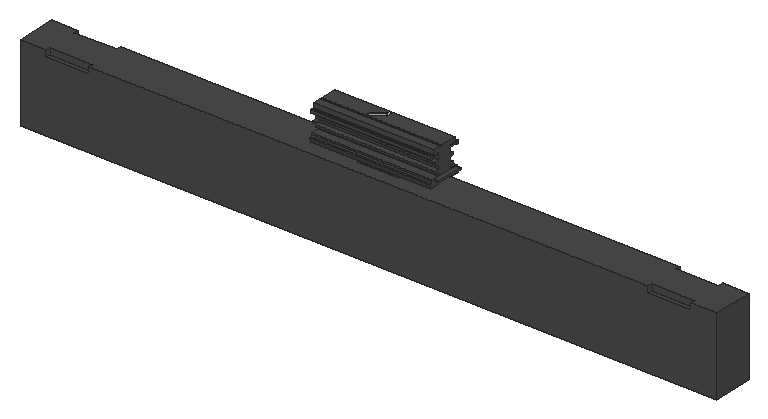
Revit family "DOT SINGLE HEAD RAIL 646_DTM30N6.5.24", category Luminarias, Revit 2019
Family settings
  Cota de conector redondo = Diámetro de uso
  Tipo de pieza = Normal
  Se basa en plano de trabajo = Sí
  Siempre vertical = Sí
  Corte con vacíos al cargar = No
  Origen de luz = Sí
  Compartido = No
  Punto de cálculo de habitación = No
Parameters (values of type "DOT SINGLE HEAD RAIL 646_DTM30N6.5.24")
  Ángulo de inclinación = 60.00°
  Zone [instance] = ""
  Watt per fixture = 30
  Wattage = 30 W
  built-in parameter 1150107 = 4000 (stored number, unit not read)
  built-in parameter 1150110 = 1 (stored number, unit not read)
  built-in parameter 1150109 = 1 (stored number, unit not read)
  built-in parameter 1150112 = 1 (stored number, unit not read)
  built-in parameter 1150113 = 1 (stored number, unit not read)
  built-in parameter 1114218 = 1 (stored number, unit not read)
  Keynote = ""
  built-in parameter 1150137 = (empty or 0)
  built-in parameter 1150132 = (empty or 0)
  Modelo = "DTM30N6.5.24"
  Lámpara = "3030SMD PHILIPS"
  built-in parameter 1150105 = 13996.1 (stored number, unit not read)
  built-in parameter 1150102 = (empty or 0)
  built-in parameter 1150106 = 139.96 (stored number, unit not read)
  Lumens = 2700 lm
  Color Filter = 16777215
  built-in parameter 1114217 = 1 (stored number, unit not read)
  built-in parameter 1150139 = (empty or 0)
  Fabricante = "BRILLANT"
  Default Elevation = 1219.2 mm
  built-in parameter 1150104 = 8.3613 (stored number, unit not read)
  Descripción = "LUMINARIA DOWNLIGHT EN FORMATO RECTANGULAR COMPATIBLE CON RIEL DE 6 ENTRADAS Y 3 CIRCUITOS CON CABEZAL PARA PODER DIRIGIR LA LUMINARIA HASTA 30 GRADOS, CUERPO DE ALUMINIO ACABADO EN COLOR NEGRO, IP 20, PESO 1.48Kg, TIPO DE LED 3030SMD PHILIPS CON 30W TOTAL, 1450 LUMENES, 90LM/W, IRC 90, TEMPERATURA EN BLANCO FRIO 4000K, 50 MIL HORAS DE VIDA PROMEDIO, APERTURA DE 24 GRADOS EN STOCK, ALIMENTADO A 90-240V"
  built-in parameter 1150115 = 1 (stored number, unit not read)
  built-in parameter 1150114 = 1 (stored number, unit not read)
  Comentarios de vataje = "90-240V"
  built-in parameter 1150138 = (empty or 0)
  built-in parameter 1150134 = 12
  Circuit [instance] = ""
  Dimming Lamp Color Temperature Shift = (empty or 0)
  Archivo de red fotométrica = "L646A-30W-840-B-24_IESNA95.IES"
  built-in parameter 1150133 = 10 (stored number, unit not read)
Reference planes
  plane 1 "Centro (Frontal/Posterior)": y = 0
  plane 2: z = 0
  plane 3 "Centro (Izquierda/Derecha)": x = 0
Forms (mm)
  Extrusion 1, solid, material "Default Form"
    sketch origin (0, 0, 0) x (1, 0, 0) y (0, 0, 1)
      loop
        line (-323, 0) -> (-323, -72) -> (323, -72) -> (323, 0) -> (-323, 0)
    from -18.326 to 18.326
  Blend 2, void
    base sketch origin (0, 0, 0) x (1, 0, 0) y (0, 1, 0)
      loop
        line (-162, 16.149) -> (-162, -16.149) -> (-144.14, -16.149) -> (-144.14, 16.149) -> (-162, 16.149)
    top sketch origin (0, 0, 0) x (1, 0, 0) y (0, 1, 0)
      loop
        line (-160, 12.149) -> (-160, -12.149) -> (-146.14, -12.149) -> (-146.14, 12.149) -> (-160, 12.149)
    from -72 to -61.591
  Blend 3, void
    base sketch origin (21.86, 0, 0) x (1, 0, 0) y (0, 1, 0)
      loop
        line (-162, 16.149) -> (-162, -16.149) -> (-144.14, -16.149) -> (-144.14, 16.149) -> (-162, 16.149)
    top sketch origin (21.86, 0, 0) x (1, 0, 0) y (0, 1, 0)
      loop
        line (-160, 12.149) -> (-160, -12.149) -> (-146.14, -12.149) -> (-146.14, 12.149) -> (-160, 12.149)
    from -72 to -61.591
  Blend 4, void
    base sketch origin (43.72, 0, 0) x (1, 0, 0) y (0, 1, 0)
      loop
        line (-162, 16.149) -> (-162, -16.149) -> (-144.14, -16.149) -> (-144.14, 16.149) -> (-162, 16.149)
    top sketch origin (43.72, 0, 0) x (1, 0, 0) y (0, 1, 0)
      loop
        line (-160, 12.149) -> (-160, -12.149) -> (-146.14, -12.149) -> (-146.14, 12.149) -> (-160, 12.149)
    from -72 to -61.591
  Blend 5, void
    base sketch origin (65.58, 0, 0) x (1, 0, 0) y (0, 1, 0)
      loop
        line (-162, 16.149) -> (-162, -16.149) -> (-144.14, -16.149) -> (-144.14, 16.149) -> (-162, 16.149)
    top sketch origin (65.58, 0, 0) x (1, 0, 0) y (0, 1, 0)
      loop
        line (-160, 12.149) -> (-160, -12.149) -> (-146.14, -12.149) -> (-146.14, 12.149) -> (-160, 12.149)
    from -72 to -61.591
  Blend 6, void
    base sketch origin (87.44, 0, 0) x (1, 0, 0) y (0, 1, 0)
      loop
        line (-162, 16.149) -> (-162, -16.149) -> (-144.14, -16.149) -> (-144.14, 16.149) -> (-162, 16.149)
    top sketch origin (87.44, 0, 0) x (1, 0, 0) y (0, 1, 0)
      loop
        line (-160, 12.149) -> (-160, -12.149) -> (-146.14, -12.149) -> (-146.14, 12.149) -> (-160, 12.149)
    from -72 to -61.591
  Blend 7, void
    base sketch origin (109.3, 0, 0) x (1, 0, 0) y (0, 1, 0)
      loop
        line (-162, 16.149) -> (-162, -16.149) -> (-144.14, -16.149) -> (-144.14, 16.149) -> (-162, 16.149)
    top sketch origin (109.3, 0, 0) x (1, 0, 0) y (0, 1, 0)
      loop
        line (-160, 12.149) -> (-160, -12.149) -> (-146.14, -12.149) -> (-146.14, 12.149) -> (-160, 12.149)
    from -72 to -61.591
  Blend 8, void
    base sketch origin (131.16, 0, 0) x (1, 0, 0) y (0, 1, 0)
      loop
        line (-162, 16.149) -> (-162, -16.149) -> (-144.14, -16.149) -> (-144.14, 16.149) -> (-162, 16.149)
    top sketch origin (131.16, 0, 0) x (1, 0, 0) y (0, 1, 0)
      loop
        line (-160, 12.149) -> (-160, -12.149) -> (-146.14, -12.149) -> (-146.14, 12.149) -> (-160, 12.149)
    from -72 to -61.591
  Blend 9, void
    base sketch origin (153.02, 0, 0) x (1, 0, 0) y (0, 1, 0)
      loop
        line (-162, 16.149) -> (-162, -16.149) -> (-144.14, -16.149) -> (-144.14, 16.149) -> (-162, 16.149)
    top sketch origin (153.02, 0, 0) x (1, 0, 0) y (0, 1, 0)
      loop
        line (-160, 12.149) -> (-160, -12.149) -> (-146.14, -12.149) -> (-146.14, 12.149) -> (-160, 12.149)
    from -72 to -61.591
  Blend 10, void
    base sketch origin (174.88, 0, 0) x (1, 0, 0) y (0, 1, 0)
      loop
        line (-162, 16.149) -> (-162, -16.149) -> (-144.14, -16.149) -> (-144.14, 16.149) -> (-162, 16.149)
    top sketch origin (174.88, 0, 0) x (1, 0, 0) y (0, 1, 0)
      loop
        line (-160, 12.149) -> (-160, -12.149) -> (-146.14, -12.149) -> (-146.14, 12.149) -> (-160, 12.149)
    from -72 to -61.591
  Blend 11, void
    base sketch origin (196.74, 0, 0) x (1, 0, 0) y (0, 1, 0)
      loop
        line (-162, 16.149) -> (-162, -16.149) -> (-144.14, -16.149) -> (-144.14, 16.149) -> (-162, 16.149)
    top sketch origin (196.74, 0, 0) x (1, 0, 0) y (0, 1, 0)
      loop
        line (-160, 12.149) -> (-160, -12.149) -> (-146.14, -12.149) -> (-146.14, 12.149) -> (-160, 12.149)
    from -72 to -61.591
  Blend 12, void
    base sketch origin (218.6, 0, 0) x (1, 0, 0) y (0, 1, 0)
      loop
        line (-162, 16.149) -> (-162, -16.149) -> (-144.14, -16.149) -> (-144.14, 16.149) -> (-162, 16.149)
    top sketch origin (218.6, 0, 0) x (1, 0, 0) y (0, 1, 0)
      loop
        line (-160, 12.149) -> (-160, -12.149) -> (-146.14, -12.149) -> (-146.14, 12.149) -> (-160, 12.149)
    from -72 to -61.591
  Blend 13, void
    base sketch origin (240.46, 0, 0) x (1, 0, 0) y (0, 1, 0)
      loop
        line (-162, 16.149) -> (-162, -16.149) -> (-144.14, -16.149) -> (-144.14, 16.149) -> (-162, 16.149)
    top sketch origin (240.46, 0, 0) x (1, 0, 0) y (0, 1, 0)
      loop
        line (-160, 12.149) -> (-160, -12.149) -> (-146.14, -12.149) -> (-146.14, 12.149) -> (-160, 12.149)
    from -72 to -61.591
  Blend 14, void
    base sketch origin (262.32, 0, 0) x (1, 0, 0) y (0, 1, 0)
      loop
        line (-162, 16.149) -> (-162, -16.149) -> (-144.14, -16.149) -> (-144.14, 16.149) -> (-162, 16.149)
    top sketch origin (262.32, 0, 0) x (1, 0, 0) y (0, 1, 0)
      loop
        line (-160, 12.149) -> (-160, -12.149) -> (-146.14, -12.149) -> (-146.14, 12.149) -> (-160, 12.149)
    from -72 to -61.591
  Blend 15, void
    base sketch origin (284.18, 0, 0) x (1, 0, 0) y (0, 1, 0)
      loop
        line (-162, 16.149) -> (-162, -16.149) -> (-144.14, -16.149) -> (-144.14, 16.149) -> (-162, 16.149)
    top sketch origin (284.18, 0, 0) x (1, 0, 0) y (0, 1, 0)
      loop
        line (-160, 12.149) -> (-160, -12.149) -> (-146.14, -12.149) -> (-146.14, 12.149) -> (-160, 12.149)
    from -72 to -61.591
  Blend 16, void
    base sketch origin (306.04, 0, 0) x (1, 0, 0) y (0, 1, 0)
      loop
        line (-162, 16.149) -> (-162, -16.149) -> (-144.14, -16.149) -> (-144.14, 16.149) -> (-162, 16.149)
    top sketch origin (306.04, 0, 0) x (1, 0, 0) y (0, 1, 0)
      loop
        line (-160, 12.149) -> (-160, -12.149) -> (-146.14, -12.149) -> (-146.14, 12.149) -> (-160, 12.149)
    from -72 to -61.591
  Extrusion 17, solid, material "Default Form"
    sketch origin (-55.628, 0, 7.5) x (0, 1, 0) y (0, 0, 1)
      loop
        line (-7.273, 1.74) -> (7.273, 1.74) -> (7.273, 0) -> (15.231, 0) -> (17.006, 4.494) -> (15.021, 4.494) -> (14.058, 5.868) -> (14.058, 7.166) -> (6.473, 7.166) -> (6.473, 9.324) -> (10.169, 10.163) -> (10.169, 12.464) -> (6.473, 13.302) -> (6.473, 16.66) -> (10.169, 17.499) -> (10.169, 19.8) -> (6.473, 20.638) -> (6.473, 25.016) -> (13.839, 25.016) -> (14.514, 24.341) -> (15.775, 24.341) -> (15.775, 27.171) -> (14.73, 27.171) -> (14.058, 26.499) -> (6.473, 26.499) -> (6.473, 27.299) -> (12.377, 27.299) -> (12.377, 31.471) -> (-2.744, 31.471) -> (-2.744, 30.671) -> (-5.514, 30.671) -> (-5.514, 31.471) -> (-12.377, 31.471) -> (-12.377, 27.299) -> (-6.473, 27.299) -> (-6.473, 26.499) -> (-14.058, 26.499) -> (-14.73, 27.171) -> (-15.775, 27.171) -> (-15.775, 24.341) -> (-14.514, 24.341) -> (-13.839, 25.016) -> (-6.473, 25.016) -> (-6.473, 20.638) -> (-10.169, 19.8) -> (-10.169, 17.499) -> (-6.473, 16.66) -> (-6.473, 13.302) -> (-10.169, 12.464) -> (-10.169, 10.163) -> (-6.473, 9.324) -> (-6.473, 7.166) -> (-14.058, 7.166) -> (-14.058, 5.868) -> (-15.021, 4.494) -> (-17.006, 4.494) -> (-15.231, 0) -> (-7.273, 0) -> (-7.273, 1.74)
    from 0 to 111.256
  Extrusion 18, solid, material "Default Form"
    sketch origin (0, 0, 0) x (1, 0, 0) y (0, 1, 0)
      loop
        line (-19.12, 6.873) -> (-19.12, -6.873) -> (19.12, -6.873) -> (19.12, 6.873) -> (-19.12, 6.873)
    from 0 to 2.67
  Extrusion 19, solid, material "Default Form"
    sketch origin (0, 0, 0) x (1, 0, 0) y (0, 1, 0)
      loop
        line (-10.93, 3.188) -> (-10.93, -3.188) -> (10.93, -3.188) -> (10.93, 3.188) -> (-10.93, 3.188)
    from 2.67 to 7.5
  Extrusion 20, void
    sketch origin (0, 0, 0) x (1, 0, 0) y (0, 1, 0)
      loop
        line (-259.42, 18.326) -> (-299.14, 18.326) -> (-299.14, 14.276) -> (-259.42, 14.276) -> (-259.42, 18.326)
      loop
        line (-299.14, -18.326) -> (-259.42, -18.326) -> (-259.42, -14.276) -> (-299.14, -14.276) -> (-299.14, -18.326)
      loop
        line (299.14, -18.326) -> (299.14, -14.276) -> (259.42, -14.276) -> (259.42, -18.326) -> (299.14, -18.326)
      loop
        line (299.14, 18.326) -> (259.42, 18.326) -> (259.42, 14.276) -> (299.14, 14.276) -> (299.14, 18.326)
    from -6.015 to 0
  Extrusion 21, solid, material "Acero Inoxidable"
    sketch origin (0, -1.594, 0) x (1, 0, 0) y (0, 0, -1)
      loop
        line (-15, -38.971) -> (3.794, -45.811) -> (4.341, -44.308) -> (3.589, -44.034) -> (3.316, -44.786) -> (-12.661, -38.971) -> (-15, -38.971)
    from 0 to 3.188
  Extrusion 22, solid, material "Default Form"
    sketch origin (0, 0, 0) x (1, 0, 0) y (0, 1, 0)
      loop
        line (-55.628, 6.473) -> (-66.331, 6.473) -> (-66.331, 0) -> (-55.628, 0) -> (-55.628, 6.473)
      loop
        line (55.628, 12.377) -> (55.628, -12.149) -> (60.628, -12.149) -> (60.628, 12.377) -> (55.628, 12.377)
    from 13.368 to 15
  Blend 23, void
    base sketch origin (-87.44, 0, 0) x (1, 0, 0) y (0, 1, 0)
      loop
        line (-162, 16.149) -> (-162, -16.149) -> (-144.14, -16.149) -> (-144.14, 16.149) -> (-162, 16.149)
    top sketch origin (-87.44, 0, 0) x (1, 0, 0) y (0, 1, 0)
      loop
        line (-160, 12.149) -> (-160, -12.149) -> (-146.14, -12.149) -> (-146.14, 12.149) -> (-160, 12.149)
    from -72 to -61.591
  Blend 24, void
    base sketch origin (-65.58, 0, 0) x (1, 0, 0) y (0, 1, 0)
      loop
        line (-162, 16.149) -> (-162, -16.149) -> (-144.14, -16.149) -> (-144.14, 16.149) -> (-162, 16.149)
    top sketch origin (-65.58, 0, 0) x (1, 0, 0) y (0, 1, 0)
      loop
        line (-160, 12.149) -> (-160, -12.149) -> (-146.14, -12.149) -> (-146.14, 12.149) -> (-160, 12.149)
    from -72 to -61.591
  Blend 25, void
    base sketch origin (-43.72, 0, 0) x (1, 0, 0) y (0, 1, 0)
      loop
        line (-162, 16.149) -> (-162, -16.149) -> (-144.14, -16.149) -> (-144.14, 16.149) -> (-162, 16.149)
    top sketch origin (-43.72, 0, 0) x (1, 0, 0) y (0, 1, 0)
      loop
        line (-160, 12.149) -> (-160, -12.149) -> (-146.14, -12.149) -> (-146.14, 12.149) -> (-160, 12.149)
    from -72 to -61.591
  Blend 26, void
    base sketch origin (-21.86, 0, 0) x (1, 0, 0) y (0, 1, 0)
      loop
        line (-162, 16.149) -> (-162, -16.149) -> (-144.14, -16.149) -> (-144.14, 16.149) -> (-162, 16.149)
    top sketch origin (-21.86, 0, 0) x (1, 0, 0) y (0, 1, 0)
      loop
        line (-160, 12.149) -> (-160, -12.149) -> (-146.14, -12.149) -> (-146.14, 12.149) -> (-160, 12.149)
    from -72 to -61.591
  Blend 27, void
    base sketch origin (-109.3, 0, 0) x (1, 0, 0) y (0, 1, 0)
      loop
        line (-162, 16.149) -> (-162, -16.149) -> (-144.14, -16.149) -> (-144.14, 16.149) -> (-162, 16.149)
    top sketch origin (-109.3, 0, 0) x (1, 0, 0) y (0, 1, 0)
      loop
        line (-160, 12.149) -> (-160, -12.149) -> (-146.14, -12.149) -> (-146.14, 12.149) -> (-160, 12.149)
    from -72 to -61.591
  Blend 28, void
    base sketch origin (327.9, 0, 0) x (1, 0, 0) y (0, 1, 0)
      loop
        line (-162, 16.149) -> (-162, -16.149) -> (-144.14, -16.149) -> (-144.14, 16.149) -> (-162, 16.149)
    top sketch origin (327.9, 0, 0) x (1, 0, 0) y (0, 1, 0)
      loop
        line (-160, 12.149) -> (-160, -12.149) -> (-146.14, -12.149) -> (-146.14, 12.149) -> (-160, 12.149)
    from -72 to -61.591
  Blend 29, void
    base sketch origin (349.76, 0, 0) x (1, 0, 0) y (0, 1, 0)
      loop
        line (-162, 16.149) -> (-162, -16.149) -> (-144.14, -16.149) -> (-144.14, 16.149) -> (-162, 16.149)
    top sketch origin (349.76, 0, 0) x (1, 0, 0) y (0, 1, 0)
      loop
        line (-160, 12.149) -> (-160, -12.149) -> (-146.14, -12.149) -> (-146.14, 12.149) -> (-160, 12.149)
    from -72 to -61.591
  Blend 30, void
    base sketch origin (371.62, 0, 0) x (1, 0, 0) y (0, 1, 0)
      loop
        line (-162, 16.149) -> (-162, -16.149) -> (-144.14, -16.149) -> (-144.14, 16.149) -> (-162, 16.149)
    top sketch origin (371.62, 0, 0) x (1, 0, 0) y (0, 1, 0)
      loop
        line (-160, 12.149) -> (-160, -12.149) -> (-146.14, -12.149) -> (-146.14, 12.149) -> (-160, 12.149)
    from -72 to -61.591
  Blend 31, void
    base sketch origin (393.48, 0, 0) x (1, 0, 0) y (0, 1, 0)
      loop
        line (-162, 16.149) -> (-162, -16.149) -> (-144.14, -16.149) -> (-144.14, 16.149) -> (-162, 16.149)
    top sketch origin (393.48, 0, 0) x (1, 0, 0) y (0, 1, 0)
      loop
        line (-160, 12.149) -> (-160, -12.149) -> (-146.14, -12.149) -> (-146.14, 12.149) -> (-160, 12.149)
    from -72 to -61.591
  Blend 32, void
    base sketch origin (415.34, 0, 0) x (1, 0, 0) y (0, 1, 0)
      loop
        line (-162, 16.149) -> (-162, -16.149) -> (-144.14, -16.149) -> (-144.14, 16.149) -> (-162, 16.149)
    top sketch origin (415.34, 0, 0) x (1, 0, 0) y (0, 1, 0)
      loop
        line (-160, 12.149) -> (-160, -12.149) -> (-146.14, -12.149) -> (-146.14, 12.149) -> (-160, 12.149)
    from -72 to -61.591
Cuts and joins
  Blend 2, Blend 3, Blend 4, Blend 5, Blend 6, Blend 7, Blend 8, Blend 9, Blend 10, Blend 11, Blend 12, Blend 13, Blend 14, Blend 15, Blend 16, Extrusion 20, Blend 23, Blend 24, Blend 25, Blend 26, Blend 27, Blend 28, Blend 29, Blend 30, Blend 31, Blend 32 cuts Extrusion 1
Dimensions and locks
  equal spacing: Extrusion 1, plane 1 "Centro (Frontal/Posterior)", Extrusion 1
  Extrusion 1 to plane 1 "Centro (Frontal/Posterior)" = 18.326 mm
  Extrusion 1 to Extrusion 1 = 36.651 mm
  Extrusion 1 to Extrusion 1 = 72 mm
  Extrusion 1 to Extrusion 1 = 646 mm
  cut or joined group 1 (Extrusion 1, Blend 2, Blend 3, Blend 4, Blend 5, Blend 6, Blend 7, Blend 8, Blend 9, Blend 10, Blend 11, Blend 12, Blend 13, Blend 14, Blend 15, Blend 16, Extrusion 20, Blend 23, Blend 24, Blend 25, Blend 26, Blend 27, Blend 28, Blend 29, Blend 30, Blend 31, Blend 32) to cut or joined group 1 = 72 mm
  cut or joined group 1 to cut or joined group 1 = 36.651 mm
  cut or joined group 1 to cut or joined group 1 = 646 mm
  equal spacing: cut or joined group 1, plane 1 "Centro (Frontal/Posterior)", cut or joined group 1
  cut or joined group 1 to cut or joined group 1 = 23.86 mm  (x2)
  aligned and locked: level to plane 2
  aligned and locked: Extrusion 19 to Extrusion 17
  aligned and locked: Extrusion 19 to Extrusion 18
Automatic sketch dimensions
  Extrusion 1 sketch curve to level = 0 mm
  Extrusion 1 sketch curve to level = 72 mm
  Extrusion 1 sketch curve to plane 3 "Centro (Izquierda/Derecha)" = 323 mm
  plane 3 "Centro (Izquierda/Derecha)" to Extrusion 1 sketch curve = 323 mm
  Blend 2 sketch curve to plane 1 "Centro (Frontal/Posterior)" = 16.149 mm
  Blend 2 sketch curve to plane 3 "Centro (Izquierda/Derecha)" = 162 mm
  Blend 2 sketch curve to Blend 2 sketch curve = 17.86 mm
  plane 1 "Centro (Frontal/Posterior)" to Blend 2 sketch curve = 16.149 mm
  Blend 2 sketch curve to plane 1 "Centro (Frontal/Posterior)" = 12.149 mm
  Blend 2 sketch curve to plane 3 "Centro (Izquierda/Derecha)" = 160 mm
  Blend 2 sketch curve to Blend 2 sketch curve = 13.86 mm
  plane 1 "Centro (Frontal/Posterior)" to Blend 2 sketch curve = 12.149 mm
  Blend 3 sketch curve to plane 1 "Centro (Frontal/Posterior)" = 16.149 mm
  Blend 3 sketch curve to plane 3 "Centro (Izquierda/Derecha)" = 140.14 mm
  Blend 3 sketch curve to Blend 3 sketch curve = 17.86 mm
  plane 1 "Centro (Frontal/Posterior)" to Blend 3 sketch curve = 16.149 mm
  Blend 3 sketch curve to plane 1 "Centro (Frontal/Posterior)" = 12.149 mm
  Blend 3 sketch curve to plane 3 "Centro (Izquierda/Derecha)" = 138.14 mm
  Blend 3 sketch curve to Blend 3 sketch curve = 13.86 mm
  plane 1 "Centro (Frontal/Posterior)" to Blend 3 sketch curve = 12.149 mm
  Blend 4 sketch curve to plane 1 "Centro (Frontal/Posterior)" = 16.149 mm
  Blend 4 sketch curve to plane 3 "Centro (Izquierda/Derecha)" = 118.28 mm
  Blend 4 sketch curve to Blend 4 sketch curve = 17.86 mm
  plane 1 "Centro (Frontal/Posterior)" to Blend 4 sketch curve = 16.149 mm
  Blend 4 sketch curve to plane 1 "Centro (Frontal/Posterior)" = 12.149 mm
  Blend 4 sketch curve to plane 3 "Centro (Izquierda/Derecha)" = 116.28 mm
  Blend 4 sketch curve to Blend 4 sketch curve = 13.86 mm
  plane 1 "Centro (Frontal/Posterior)" to Blend 4 sketch curve = 12.149 mm
  Blend 5 sketch curve to plane 1 "Centro (Frontal/Posterior)" = 16.149 mm
  Blend 5 sketch curve to plane 3 "Centro (Izquierda/Derecha)" = 96.42 mm
  Blend 5 sketch curve to Blend 5 sketch curve = 17.86 mm
  plane 1 "Centro (Frontal/Posterior)" to Blend 5 sketch curve = 16.149 mm
  Blend 5 sketch curve to plane 1 "Centro (Frontal/Posterior)" = 12.149 mm
  Blend 5 sketch curve to plane 3 "Centro (Izquierda/Derecha)" = 94.42 mm
  Blend 5 sketch curve to Blend 5 sketch curve = 13.86 mm
  plane 1 "Centro (Frontal/Posterior)" to Blend 5 sketch curve = 12.149 mm
  Blend 6 sketch curve to plane 1 "Centro (Frontal/Posterior)" = 16.149 mm
  Blend 6 sketch curve to plane 3 "Centro (Izquierda/Derecha)" = 74.56 mm
  Blend 6 sketch curve to Blend 6 sketch curve = 17.86 mm
  plane 1 "Centro (Frontal/Posterior)" to Blend 6 sketch curve = 16.149 mm
  Blend 6 sketch curve to plane 1 "Centro (Frontal/Posterior)" = 12.149 mm
  Blend 6 sketch curve to plane 3 "Centro (Izquierda/Derecha)" = 72.56 mm
  Blend 6 sketch curve to Blend 6 sketch curve = 13.86 mm
  plane 1 "Centro (Frontal/Posterior)" to Blend 6 sketch curve = 12.149 mm
  Blend 7 sketch curve to plane 1 "Centro (Frontal/Posterior)" = 16.149 mm
  Blend 7 sketch curve to plane 3 "Centro (Izquierda/Derecha)" = 52.7 mm
  Blend 7 sketch curve to Blend 7 sketch curve = 17.86 mm
  plane 1 "Centro (Frontal/Posterior)" to Blend 7 sketch curve = 16.149 mm
  Blend 7 sketch curve to plane 1 "Centro (Frontal/Posterior)" = 12.149 mm
  Blend 7 sketch curve to plane 3 "Centro (Izquierda/Derecha)" = 50.7 mm
  Blend 7 sketch curve to Blend 7 sketch curve = 13.86 mm
  plane 1 "Centro (Frontal/Posterior)" to Blend 7 sketch curve = 12.149 mm
  Blend 8 sketch curve to plane 3 "Centro (Izquierda/Derecha)" = 30.84 mm
  Blend 8 sketch curve to plane 3 "Centro (Izquierda/Derecha)" = 12.98 mm
  plane 1 "Centro (Frontal/Posterior)" to Blend 8 sketch curve = 16.149 mm
  Blend 8 sketch curve to plane 1 "Centro (Frontal/Posterior)" = 16.149 mm
  Blend 8 sketch curve to plane 1 "Centro (Frontal/Posterior)" = 12.149 mm
  Blend 8 sketch curve to plane 3 "Centro (Izquierda/Derecha)" = 28.84 mm
  Blend 8 sketch curve to Blend 8 sketch curve = 13.86 mm
  plane 1 "Centro (Frontal/Posterior)" to Blend 8 sketch curve = 12.149 mm
  Blend 9 sketch curve to plane 3 "Centro (Izquierda/Derecha)" = 8.98 mm
  plane 3 "Centro (Izquierda/Derecha)" to Blend 9 sketch curve = 8.88 mm
  plane 1 "Centro (Frontal/Posterior)" to Blend 9 sketch curve = 16.149 mm
  Blend 9 sketch curve to plane 1 "Centro (Frontal/Posterior)" = 16.149 mm
  Blend 9 sketch curve to plane 3 "Centro (Izquierda/Derecha)" = 6.98 mm
  plane 3 "Centro (Izquierda/Derecha)" to Blend 9 sketch curve = 6.88 mm
  plane 1 "Centro (Frontal/Posterior)" to Blend 9 sketch curve = 12.149 mm
  Blend 9 sketch curve to plane 1 "Centro (Frontal/Posterior)" = 12.149 mm
  plane 3 "Centro (Izquierda/Derecha)" to Blend 10 sketch curve = 12.88 mm
  Blend 10 sketch curve to Blend 10 sketch curve = 17.86 mm
  plane 1 "Centro (Frontal/Posterior)" to Blend 10 sketch curve = 16.149 mm
  Blend 10 sketch curve to plane 1 "Centro (Frontal/Posterior)" = 16.149 mm
  plane 3 "Centro (Izquierda/Derecha)" to Blend 10 sketch curve = 14.88 mm
  Blend 10 sketch curve to Blend 10 sketch curve = 13.86 mm
  plane 1 "Centro (Frontal/Posterior)" to Blend 10 sketch curve = 12.149 mm
  Blend 10 sketch curve to plane 1 "Centro (Frontal/Posterior)" = 12.149 mm
  Blend 11 sketch curve to plane 1 "Centro (Frontal/Posterior)" = 16.149 mm
  plane 3 "Centro (Izquierda/Derecha)" to Blend 11 sketch curve = 34.74 mm
  Blend 11 sketch curve to Blend 11 sketch curve = 17.86 mm
  plane 1 "Centro (Frontal/Posterior)" to Blend 11 sketch curve = 16.149 mm
  Blend 11 sketch curve to plane 1 "Centro (Frontal/Posterior)" = 12.149 mm
  plane 3 "Centro (Izquierda/Derecha)" to Blend 11 sketch curve = 36.74 mm
  Blend 11 sketch curve to Blend 11 sketch curve = 13.86 mm
  plane 1 "Centro (Frontal/Posterior)" to Blend 11 sketch curve = 12.149 mm
  Blend 12 sketch curve to plane 1 "Centro (Frontal/Posterior)" = 16.149 mm
  plane 3 "Centro (Izquierda/Derecha)" to Blend 12 sketch curve = 56.6 mm
  Blend 12 sketch curve to Blend 12 sketch curve = 17.86 mm
  plane 1 "Centro (Frontal/Posterior)" to Blend 12 sketch curve = 16.149 mm
  Blend 12 sketch curve to plane 1 "Centro (Frontal/Posterior)" = 12.149 mm
  plane 3 "Centro (Izquierda/Derecha)" to Blend 12 sketch curve = 58.6 mm
  Blend 12 sketch curve to Blend 12 sketch curve = 13.86 mm
  plane 1 "Centro (Frontal/Posterior)" to Blend 12 sketch curve = 12.149 mm
  Blend 13 sketch curve to plane 1 "Centro (Frontal/Posterior)" = 16.149 mm
  plane 3 "Centro (Izquierda/Derecha)" to Blend 13 sketch curve = 78.46 mm
  Blend 13 sketch curve to Blend 13 sketch curve = 17.86 mm
  plane 1 "Centro (Frontal/Posterior)" to Blend 13 sketch curve = 16.149 mm
  Blend 13 sketch curve to plane 1 "Centro (Frontal/Posterior)" = 12.149 mm
  plane 3 "Centro (Izquierda/Derecha)" to Blend 13 sketch curve = 80.46 mm
  Blend 13 sketch curve to Blend 13 sketch curve = 13.86 mm
  plane 1 "Centro (Frontal/Posterior)" to Blend 13 sketch curve = 12.149 mm
  Blend 14 sketch curve to plane 1 "Centro (Frontal/Posterior)" = 16.149 mm
  plane 3 "Centro (Izquierda/Derecha)" to Blend 14 sketch curve = 100.32 mm
  Blend 14 sketch curve to Blend 14 sketch curve = 17.86 mm
  plane 1 "Centro (Frontal/Posterior)" to Blend 14 sketch curve = 16.149 mm
  Blend 14 sketch curve to plane 1 "Centro (Frontal/Posterior)" = 12.149 mm
  plane 3 "Centro (Izquierda/Derecha)" to Blend 14 sketch curve = 102.32 mm
  Blend 14 sketch curve to Blend 14 sketch curve = 13.86 mm
  plane 1 "Centro (Frontal/Posterior)" to Blend 14 sketch curve = 12.149 mm
  Blend 15 sketch curve to plane 1 "Centro (Frontal/Posterior)" = 16.149 mm
  plane 3 "Centro (Izquierda/Derecha)" to Blend 15 sketch curve = 122.18 mm
  Blend 15 sketch curve to Blend 15 sketch curve = 17.86 mm
  plane 1 "Centro (Frontal/Posterior)" to Blend 15 sketch curve = 16.149 mm
  Blend 15 sketch curve to plane 1 "Centro (Frontal/Posterior)" = 12.149 mm
  plane 3 "Centro (Izquierda/Derecha)" to Blend 15 sketch curve = 124.18 mm
  Blend 15 sketch curve to Blend 15 sketch curve = 13.86 mm
  plane 1 "Centro (Frontal/Posterior)" to Blend 15 sketch curve = 12.149 mm
  Blend 16 sketch curve to plane 1 "Centro (Frontal/Posterior)" = 16.149 mm
  plane 3 "Centro (Izquierda/Derecha)" to Blend 16 sketch curve = 144.04 mm
  Blend 16 sketch curve to Blend 16 sketch curve = 17.86 mm
  plane 1 "Centro (Frontal/Posterior)" to Blend 16 sketch curve = 16.149 mm
  Blend 16 sketch curve to plane 1 "Centro (Frontal/Posterior)" = 12.149 mm
  plane 3 "Centro (Izquierda/Derecha)" to Blend 16 sketch curve = 146.04 mm
  Blend 16 sketch curve to Blend 16 sketch curve = 13.86 mm
  plane 1 "Centro (Frontal/Posterior)" to Blend 16 sketch curve = 12.149 mm
  plane 1 "Centro (Frontal/Posterior)" to Extrusion 17 sketch curve = 17.006 mm
  plane 1 "Centro (Frontal/Posterior)" to Extrusion 17 sketch curve = 15.775 mm
  level to Extrusion 17 sketch curve = 7.5 mm  (x2)
  Extrusion 17 sketch curve to Extrusion 17 sketch curve = 1.775 mm
  Extrusion 17 sketch curve to Extrusion 17 sketch curve = 1.985 mm  (x2)
  Extrusion 17 sketch curve to Extrusion 17 sketch curve = 1.045 mm
  Extrusion 17 sketch curve to Extrusion 17 sketch curve = 1.261 mm  (x2)
  Extrusion 17 sketch curve to Extrusion 17 sketch curve = 0.963 mm  (x2)
  Extrusion 17 sketch curve to Extrusion 17 sketch curve = 0.672 mm  (x4)
  Extrusion 17 sketch curve to Extrusion 17 sketch curve = 0.675 mm  (x3)
  Extrusion 17 sketch curve to Extrusion 17 sketch curve = 2.354 mm
  Extrusion 17 sketch curve to Extrusion 17 sketch curve = 4.345 mm
  Extrusion 17 sketch curve to Extrusion 17 sketch curve = 3.89 mm  (x2)
  plane 1 "Centro (Frontal/Posterior)" to Extrusion 17 sketch curve = 7.273 mm
  Extrusion 17 sketch curve to Extrusion 17 sketch curve = 3.696 mm  (x4)
  Extrusion 17 sketch curve to Extrusion 17 sketch curve = 5.904 mm  (x2)
  Extrusion 17 sketch curve to Extrusion 17 sketch curve = 0 mm  (x3)
  Extrusion 17 sketch curve to Extrusion 17 sketch curve = 0.959 mm
  plane 1 "Centro (Frontal/Posterior)" to Extrusion 17 sketch curve = 2.744 mm
  Extrusion 17 sketch curve to plane 1 "Centro (Frontal/Posterior)" = 6.473 mm  (x2)
  Extrusion 17 sketch curve to Extrusion 17 sketch curve = 0.8 mm  (x3)
  Extrusion 17 sketch curve to Extrusion 17 sketch curve = 1.462 mm
  Extrusion 17 sketch curve to Extrusion 17 sketch curve = 0.22 mm
  Extrusion 17 sketch curve to Extrusion 17 sketch curve = 0.21 mm
  Extrusion 17 sketch curve to Extrusion 17 sketch curve = 1.74 mm
  Extrusion 17 sketch curve to Extrusion 17 sketch curve = 4.494 mm  (x2)
  Extrusion 17 sketch curve to Extrusion 17 sketch curve = 1.375 mm  (x2)
  Extrusion 17 sketch curve to Extrusion 17 sketch curve = 5.426 mm  (x2)
  Extrusion 17 sketch curve to Extrusion 17 sketch curve = 2.158 mm  (x2)
  Extrusion 17 sketch curve to Extrusion 17 sketch curve = 0.839 mm  (x8)
  Extrusion 17 sketch curve to Extrusion 17 sketch curve = 2.301 mm  (x4)
  Extrusion 17 sketch curve to Extrusion 17 sketch curve = 3.358 mm  (x2)
  Extrusion 17 sketch curve to Extrusion 17 sketch curve = 4.541 mm  (x2)
  Extrusion 17 sketch curve to Extrusion 17 sketch curve = 4.378 mm
  Extrusion 17 sketch curve to Extrusion 17 sketch curve = 1.483 mm  (x2)
  Extrusion 17 sketch curve to Extrusion 17 sketch curve = 3.372 mm
  Extrusion 17 sketch curve to Extrusion 17 sketch curve = 4.172 mm  (x2)
  plane 1 "Centro (Frontal/Posterior)" to Extrusion 18 sketch curve = 6.873 mm
  Extrusion 18 sketch curve to plane 3 "Centro (Izquierda/Derecha)" = 19.12 mm
  plane 3 "Centro (Izquierda/Derecha)" to Extrusion 18 sketch curve = 19.12 mm
  Extrusion 18 sketch curve to plane 1 "Centro (Frontal/Posterior)" = 6.873 mm
  plane 1 "Centro (Frontal/Posterior)" to Extrusion 19 sketch curve = 3.188 mm
  Extrusion 19 sketch curve to plane 3 "Centro (Izquierda/Derecha)" = 10.93 mm
  plane 3 "Centro (Izquierda/Derecha)" to Extrusion 19 sketch curve = 10.93 mm
  Extrusion 19 sketch curve to plane 1 "Centro (Frontal/Posterior)" = 3.188 mm
  plane 1 "Centro (Frontal/Posterior)" to Extrusion 20 sketch curve = 18.326 mm
  Extrusion 20 sketch curve to plane 3 "Centro (Izquierda/Derecha)" = 299.14 mm
  Extrusion 20 sketch curve to Extrusion 20 sketch curve = 0 mm  (x4)
  Extrusion 20 sketch curve to Extrusion 20 sketch curve = 39.72 mm  (x2)
  plane 1 "Centro (Frontal/Posterior)" to Extrusion 20 sketch curve = 14.276 mm
  plane 3 "Centro (Izquierda/Derecha)" to Extrusion 20 sketch curve = 259.42 mm
  Extrusion 20 sketch curve to plane 1 "Centro (Frontal/Posterior)" = 18.326 mm
  Extrusion 20 sketch curve to Extrusion 20 sketch curve = 4.049 mm  (x4)
  Extrusion 20 sketch curve to plane 1 "Centro (Frontal/Posterior)" = 14.276 mm
  Extrusion 21 sketch curve to plane 3 "Centro (Izquierda/Derecha)" = 15 mm
  Extrusion 21 sketch curve to Extrusion 21 sketch curve = 2.339 mm
  plane 3 "Centro (Izquierda/Derecha)" to Extrusion 21 sketch curve = 3.316 mm
  Extrusion 21 sketch curve to Extrusion 21 sketch curve = 0.274 mm
  Extrusion 21 sketch curve to Extrusion 21 sketch curve = 0.478 mm
  Extrusion 21 sketch curve to Extrusion 21 sketch curve = 0.752 mm
  level to Extrusion 21 sketch curve = 45.811 mm
  plane 1 "Centro (Frontal/Posterior)" to Extrusion 22 sketch curve = 0 mm
  Extrusion 22 sketch curve to plane 1 "Centro (Frontal/Posterior)" = 6.473 mm
  Extrusion 22 sketch curve to plane 3 "Centro (Izquierda/Derecha)" = 66.331 mm
  Extrusion 22 sketch curve to Extrusion 22 sketch curve = 10.703 mm
  Extrusion 22 sketch curve to plane 1 "Centro (Frontal/Posterior)" = 12.377 mm
  plane 3 "Centro (Izquierda/Derecha)" to Extrusion 22 sketch curve = 55.628 mm
  Extrusion 22 sketch curve to Extrusion 22 sketch curve = 5 mm
  plane 1 "Centro (Frontal/Posterior)" to Extrusion 22 sketch curve = 12.149 mm
  Blend 23 sketch curve to plane 1 "Centro (Frontal/Posterior)" = 16.149 mm
  Blend 23 sketch curve to plane 3 "Centro (Izquierda/Derecha)" = 249.44 mm
  Blend 23 sketch curve to Blend 23 sketch curve = 17.86 mm
  plane 1 "Centro (Frontal/Posterior)" to Blend 23 sketch curve = 16.149 mm
  Blend 23 sketch curve to plane 1 "Centro (Frontal/Posterior)" = 12.149 mm
  Blend 23 sketch curve to plane 3 "Centro (Izquierda/Derecha)" = 247.44 mm
  Blend 23 sketch curve to Blend 23 sketch curve = 13.86 mm
  plane 1 "Centro (Frontal/Posterior)" to Blend 23 sketch curve = 12.149 mm
  Blend 24 sketch curve to plane 1 "Centro (Frontal/Posterior)" = 16.149 mm
  Blend 24 sketch curve to plane 3 "Centro (Izquierda/Derecha)" = 227.58 mm
  Blend 24 sketch curve to Blend 24 sketch curve = 17.86 mm
  plane 1 "Centro (Frontal/Posterior)" to Blend 24 sketch curve = 16.149 mm
  Blend 24 sketch curve to plane 1 "Centro (Frontal/Posterior)" = 12.149 mm
  Blend 24 sketch curve to plane 3 "Centro (Izquierda/Derecha)" = 225.58 mm
  Blend 24 sketch curve to Blend 24 sketch curve = 13.86 mm
  plane 1 "Centro (Frontal/Posterior)" to Blend 24 sketch curve = 12.149 mm
  Blend 25 sketch curve to plane 1 "Centro (Frontal/Posterior)" = 16.149 mm
  Blend 25 sketch curve to plane 3 "Centro (Izquierda/Derecha)" = 205.72 mm
  Blend 25 sketch curve to Blend 25 sketch curve = 17.86 mm
  plane 1 "Centro (Frontal/Posterior)" to Blend 25 sketch curve = 16.149 mm
  Blend 25 sketch curve to plane 1 "Centro (Frontal/Posterior)" = 12.149 mm
  Blend 25 sketch curve to plane 3 "Centro (Izquierda/Derecha)" = 203.72 mm
  Blend 25 sketch curve to Blend 25 sketch curve = 13.86 mm
  plane 1 "Centro (Frontal/Posterior)" to Blend 25 sketch curve = 12.149 mm
  Blend 26 sketch curve to plane 1 "Centro (Frontal/Posterior)" = 16.149 mm
  Blend 26 sketch curve to plane 3 "Centro (Izquierda/Derecha)" = 183.86 mm
  Blend 26 sketch curve to Blend 26 sketch curve = 17.86 mm
  plane 1 "Centro (Frontal/Posterior)" to Blend 26 sketch curve = 16.149 mm
  Blend 26 sketch curve to plane 1 "Centro (Frontal/Posterior)" = 12.149 mm
  Blend 26 sketch curve to plane 3 "Centro (Izquierda/Derecha)" = 181.86 mm
  Blend 26 sketch curve to Blend 26 sketch curve = 13.86 mm
  plane 1 "Centro (Frontal/Posterior)" to Blend 26 sketch curve = 12.149 mm
  Blend 27 sketch curve to plane 1 "Centro (Frontal/Posterior)" = 16.149 mm
  Blend 27 sketch curve to plane 3 "Centro (Izquierda/Derecha)" = 271.3 mm
  Blend 27 sketch curve to Blend 27 sketch curve = 17.86 mm
  plane 1 "Centro (Frontal/Posterior)" to Blend 27 sketch curve = 16.149 mm
  Blend 27 sketch curve to plane 1 "Centro (Frontal/Posterior)" = 12.149 mm
  Blend 27 sketch curve to plane 3 "Centro (Izquierda/Derecha)" = 269.3 mm
  Blend 27 sketch curve to Blend 27 sketch curve = 13.86 mm
  plane 1 "Centro (Frontal/Posterior)" to Blend 27 sketch curve = 12.149 mm
  Blend 28 sketch curve to plane 1 "Centro (Frontal/Posterior)" = 16.149 mm
  plane 3 "Centro (Izquierda/Derecha)" to Blend 28 sketch curve = 165.9 mm
  Blend 28 sketch curve to Blend 28 sketch curve = 17.86 mm
  plane 1 "Centro (Frontal/Posterior)" to Blend 28 sketch curve = 16.149 mm
  Blend 28 sketch curve to plane 1 "Centro (Frontal/Posterior)" = 12.149 mm
  plane 3 "Centro (Izquierda/Derecha)" to Blend 28 sketch curve = 167.9 mm
  Blend 28 sketch curve to Blend 28 sketch curve = 13.86 mm
  plane 1 "Centro (Frontal/Posterior)" to Blend 28 sketch curve = 12.149 mm
  Blend 29 sketch curve to plane 1 "Centro (Frontal/Posterior)" = 16.149 mm
  plane 3 "Centro (Izquierda/Derecha)" to Blend 29 sketch curve = 187.76 mm
  Blend 29 sketch curve to Blend 29 sketch curve = 17.86 mm
  plane 1 "Centro (Frontal/Posterior)" to Blend 29 sketch curve = 16.149 mm
  Blend 29 sketch curve to plane 1 "Centro (Frontal/Posterior)" = 12.149 mm
  plane 3 "Centro (Izquierda/Derecha)" to Blend 29 sketch curve = 189.76 mm
  Blend 29 sketch curve to Blend 29 sketch curve = 13.86 mm
  plane 1 "Centro (Frontal/Posterior)" to Blend 29 sketch curve = 12.149 mm
  Blend 30 sketch curve to plane 1 "Centro (Frontal/Posterior)" = 16.149 mm
  plane 3 "Centro (Izquierda/Derecha)" to Blend 30 sketch curve = 209.62 mm
  Blend 30 sketch curve to Blend 30 sketch curve = 17.86 mm
  plane 1 "Centro (Frontal/Posterior)" to Blend 30 sketch curve = 16.149 mm
  Blend 30 sketch curve to plane 1 "Centro (Frontal/Posterior)" = 12.149 mm
  plane 3 "Centro (Izquierda/Derecha)" to Blend 30 sketch curve = 211.62 mm
  Blend 30 sketch curve to Blend 30 sketch curve = 13.86 mm
  plane 1 "Centro (Frontal/Posterior)" to Blend 30 sketch curve = 12.149 mm
  Blend 31 sketch curve to plane 1 "Centro (Frontal/Posterior)" = 16.149 mm
  plane 3 "Centro (Izquierda/Derecha)" to Blend 31 sketch curve = 231.48 mm
  Blend 31 sketch curve to Blend 31 sketch curve = 17.86 mm
  plane 1 "Centro (Frontal/Posterior)" to Blend 31 sketch curve = 16.149 mm
  Blend 31 sketch curve to plane 1 "Centro (Frontal/Posterior)" = 12.149 mm
  plane 3 "Centro (Izquierda/Derecha)" to Blend 31 sketch curve = 233.48 mm
  Blend 31 sketch curve to Blend 31 sketch curve = 13.86 mm
  plane 1 "Centro (Frontal/Posterior)" to Blend 31 sketch curve = 12.149 mm
  Blend 32 sketch curve to plane 1 "Centro (Frontal/Posterior)" = 16.149 mm
  plane 3 "Centro (Izquierda/Derecha)" to Blend 32 sketch curve = 253.34 mm
  Blend 32 sketch curve to Blend 32 sketch curve = 17.86 mm
  plane 1 "Centro (Frontal/Posterior)" to Blend 32 sketch curve = 16.149 mm
  Blend 32 sketch curve to plane 1 "Centro (Frontal/Posterior)" = 12.149 mm
  plane 3 "Centro (Izquierda/Derecha)" to Blend 32 sketch curve = 255.34 mm
  Blend 32 sketch curve to Blend 32 sketch curve = 13.86 mm
  plane 1 "Centro (Frontal/Posterior)" to Blend 32 sketch curve = 12.149 mm
Connectors
  electrical at (0, 0, 0)
    settings: on cut or joined group 1, index 1, voltage 240 V, apparent load 0 VA, apparent load phase1 0 VA, apparent load phase2 0 VA, apparent load phase3 0 VA, power factor 1, load classification "Otro", number of poles 1, system type 31, power factor state 1, is connector primary yes, connector utility no, sub classification motor no, connector description ""
